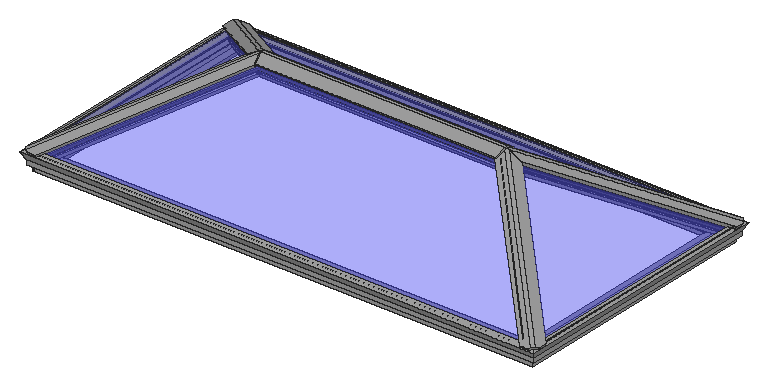
Revit family "Versalite™ Glass - Hipped End - Insulating Glass", category Generic Models, Revit 2015
Parameters
  Width Limitation [instance] = if(Width > 5' 0", 5' 0", if(Width < 3' 0", 3' 0", Width))  # 4' - 0"
  Width [instance] = 4' - 0"
  URL = "obe.com"
  Section Position 3 [instance] = 1' - 7.78461"
  Section Position 2 [instance] = 0' - 9 107/128"
  Section Position 1 [instance] = 1' - 7.78461"
  Section Height 3 [instance] = Section Position 3 * tan(30.00°) + 0' 0 41/128"  # 0' - 11.74296"
  Section Height 2 [instance] = Section Position 2 * tan(30.00°) + 0' 0 41/128"  # 0' - 5.99909"
  Section Height 1 [instance] = Section Position 1 * tan(30.00°) + 0' 0 11/128"  # 0' - 11.50859"
  Model = "Pre-engineered Skylight"
  Manufacturer = "Oldcastle BuildingEnvelope®"
  Length Limitation [instance] = if(Length > 8' 0", 8' 0", if(Length < 4' 0", 4' 0", Length))  # 8' - 0"
  Keynote = "08 63 00"
  Height [instance] = (Raster 2 * tan(30.00°)) + (0' 1 15/256")  # 1' - 4.02008"
  Glass Material = Glass
  Gasket Material = Gasket
  Frame Material = Aluminum
  Ridge Length [instance] = Length - (2 * Raster)  # 6' - 0"
  Raster 2 [instance] = Width Limitation / 2 + 0' 1 117/128"  # 2' - 1 117/128"
  Raster [instance] = Width Limitation / 2  # 2' - 0"
  Length [instance] = 10' - 0"
  Description = "Versalite™ Glass - Insulating Glass"
  Assembly Code = "B3020"
Reference planes (in)
  plane 1 "Center (Front/Back)": y = 0
  plane 2: z = 0
  plane 3 "Center (Left/Right)": x = 0
  plane 4: y = -24
  plane 5: y = 24
  plane 6: x = -48
  plane 7: x = 48
  plane 8 "Roof Left": through (-18.37096, 46.91666, 0.625) normal (0, 0.5, 0.866)
  plane 9 "Roof Rigth": through (-18.37096, -46.91666, 0.625) normal (0, 0.5, -0.866)
  plane 10: z = 16.02008
  plane 11 "Section Position 1": y = -4.21539
  plane 12 "Section Position 2": y = 4.21539
  plane 13: x = -38.16406
  plane 14: x = 28.21539
  plane 15: x = -24
  plane 16: x = 24
Forms (in)
  Sweep 1, solid, material "Aluminum"
    path origin (0, 0, 0) x (1, 0, 0) y (0, 1, 0)
      loop
        line (-48, 24) -> (-48, -24) -> (48, -24) -> (48, 24) -> (-48, 24)
    profile origin (0, 24, 0) x (0, 1, 0) y (0, 0, 1)
      loop
        line (1.00903, 1.23669) -> (0.93979, 1.11675) -> (1.48772, 0.80041) -> (0.8072, -0.37828) -> (-0.03775, 0.10956) -> (-0.38328, -0.52501) -> (-0.93348, -0.20736) -> (-1.24871, -0.75335) -> (-2.63565, -0.75335) -> (-2.63565, -1.35004) -> (0.57712, -1.35004) -> (0.57712, -2.67033) -> (0.69693, -2.67033) -> (0.69693, -1.58967) -> (1.296, -1.58967) -> (1.296, -0.66255) -> (2.04666, 0.63762) -> (1.00903, 1.23669)
Lines and regions (in)
  model lines
    curve 1: line (23.41876, 3.73866, 0) -> (23.34202, 3.8154, 0)
Dimensions and locks (in)
  equal spacing: plane 4, plane 1 "Center (Front/Back)", plane 5
  "Width Limitation": plane 5 to plane 4
  equal spacing: plane 6, plane 3 "Center (Left/Right)", plane 7
  locked: nested 6 to plane 6 at 1.35789
  "Section Position 1": plane 11 "Section Position 1" to plane 4
  "Section Position 1": plane 12 "Section Position 2" to plane 5
  "Section Position 2": plane 6 to plane 13
  "Section Position 3": plane 14 to plane 7
  "Height": plane 10 to level
  "Length Limitation": plane 6 to plane 7
  "Raster": plane 6 to plane 15
  "Raster": plane 16 to plane 7
  locked: plane 5 to nested 10 at 1.35823
  locked: plane 4 to nested 9 at 1.35823
  locked: plane 5 to nested 13 at 3.59895
  locked: nested 13 to plane 6 at 3.59895
  locked: nested 14 to plane 6 at 3.59895
  locked: plane 4 to nested 14 at 3.59895
  locked: plane 4 to nested 12 at 3.59895
  locked: plane 7 to nested 12 at 3.59895
  locked: plane 5 to nested 11 at 3.59895
  locked: plane 7 to nested 11 at 3.59895
  locked: plane 7 to nested 15 at 1.35789
  aligned and locked: level to plane 2
  aligned and locked: plane 1 "Center (Front/Back)" to nested 7
  aligned and locked: level to nested 7
  aligned and locked: nested 8 to level
  aligned and locked: plane 16 to nested 3
  aligned and locked: nested 3 to plane 15
  aligned and locked: plane 15 to nested 16
  aligned and locked: nested 16 to plane 16
  aligned and locked: plane 1 "Center (Front/Back)" to nested 16
  aligned and locked: nested 17 to plane 6
  aligned and locked: plane 7 to nested 18
  aligned and locked: nested 18 to plane 5
  aligned and locked: nested 18 to plane 4
  aligned and locked: plane 5 to nested 17
  aligned and locked: plane 4 to nested 17
Automatic sketch dimensions
  plane 5 to Sweep 1 sketch curve = 0' - 0"
  Sweep 1 sketch curve to plane 7 = 0' - 0"
  plane 6 to Sweep 1 sketch curve = 0' - 0"
  Sweep 1 sketch curve to plane 4 = 0' - 0"
  profile plane to Sweep 1 sketch curve = 0' - 2.63565"
  profile plane to Sweep 1 sketch curve = 0' - 1.24871"
  Sweep 1 sketch curve to level = 0' - 0.20736"
  Sweep 1 sketch curve to Sweep 1 sketch curve = 0' - 0.31523"
  profile plane to Sweep 1 sketch curve = 0' - 0.38328"
  profile plane to Sweep 1 sketch curve = 0' - 0.03775"
  Sweep 1 sketch curve to profile plane = 0' - 0.57712"
  Sweep 1 sketch curve to Sweep 1 sketch curve = 0' - 0.11981"
  Sweep 1 sketch curve to level = 0' - 0.37828"
  Sweep 1 sketch curve to profile plane = 0' - 0.8072"
  Sweep 1 sketch curve to profile plane = 0' - 0.93979"
  Sweep 1 sketch curve to Sweep 1 sketch curve = 0' - 0.06925"
  Sweep 1 sketch curve to Sweep 1 sketch curve = 0' - 0.59907"
  Sweep 1 sketch curve to Sweep 1 sketch curve = 0' - 0.54793"
  level to Sweep 1 sketch curve = 0' - 0.63762"
  Sweep 1 sketch curve to Sweep 1 sketch curve = 0' - 0.55894"
  Sweep 1 sketch curve to Sweep 1 sketch curve = 0' - 0.546"
  Sweep 1 sketch curve to Sweep 1 sketch curve = 0' - 0 11/16"
  Sweep 1 sketch curve to Sweep 1 sketch curve = 0' - 0.23963"
  Sweep 1 sketch curve to Sweep 1 sketch curve = 0' - 1.08065"
  curve 1 to plane 16 = 0' - 0.65798"
  plane 12 "Section Position 2" to curve 1 = 0' - 0.47673"
  curve 1 to curve 1 = 0' - 0.07674"  (x2)
Nested families (in)
  nested 1: "VRG-7-12-Rafter" at (-66, -50.1691, 0.74578), Lenght <- "Raster 2", type "VRG-7-12-Rafter", not visible
    with Lenght 2' - 1 117/128", Height 1' - 2.96149"
  nested 2: "VRG-7-12-Rafter" at (-66, 50.1691, 0.74578), Lenght <- "Raster 2", type "VRG-7-12-Rafter", not visible
    with Lenght 2' - 1 117/128", Height 1' - 2.96149"
  nested 3: "Hip" at (0, 0, 0.0222) x (0, -1, 0) z (0, 0, 1), Height <- "Height", Frame Material <- "Frame Material", type "Hip"
    with Length 4' - 0", Height 1' - 4.02008", Frame Material Aluminum
  nested 4: "VRG-7-12-Rafter" at (-84, -32.1691, 0.74578), Lenght <- "Raster 2", type "VRG-7-12-Rafter", not visible
    with Lenght 2' - 1 117/128", Height 1' - 2.96149"
  nested 5: "VRG-7-12-Rafter" at (-84, 32.1691, 0.74578), Lenght <- "Raster 2", type "VRG-7-12-Rafter", not visible
    with Lenght 2' - 1 117/128", Height 1' - 2.96149"
  nested 6: "Triangular Glazing Panel" at (-49.35789, 0, -0.33984) x (0, -1, 0) z (0, 0, 1), Raster <- "Width Limitation", Length <- "Raster", type "Triangular Glazing Panel"
    with Raster 4' - 0", Nett Length 2' - 3.71281", Length 2' - 0"
  nested 7: "Short Section 2" at (18, 0, 0), Raster <- "Raster", Width <- "Width Limitation", Section Height <- "Section Height 3", type "Short Section 2-3D"
    with Width 4' - 0", Section Height 0' - 11.74296", Raster 2' - 0"
  nested 8: "Short Section 2" at (-18, 0, 0) x (-1, 0, 0) z (0, 0, 1), Raster <- "Raster", Width <- "Width Limitation", Section Height <- "Section Height 2", type "Short Section 2-3D"
    with Width 4' - 0", Section Height 0' - 5.99909", Raster 2' - 0"
  nested 9: "Trapeze Glazing Panel" at (0, -25.35823, -0.35239), Raster <- "Raster", Glass Width <- "Length Limitation", type "Trapeze Glazing Panel"
    with Raster 2' - 0", Nett Length 2' - 3.94719", Length 3' - 6", Glass Width 8' - 0"
  nested 10: "Trapeze Glazing Panel" at (0, 25.35823, -0.28989), Raster <- "Raster", Glass Width <- "Length Limitation", type "Trapeze Glazing Panel"
    with Raster 2' - 0", Nett Length 2' - 3.94719", Length 3' - 6", Glass Width 8' - 0"
  nested 11: "Ridge" at (51.59895, 27.59895, -2.49199) x (-1, 0, 0) z (0, 0, 1), Raster <- "Raster", type "Ridge"
    with Void elevation 1' - 5.13957", Raster 2' - 0", Nett Length 3' - 4.66122", Lenght 2' - 9.94113", Height 0' - 9.79911"
  nested 12: "Ridge" at (51.59895, -27.59895, -2.49199) x (-1, 0, 0) z (0, 0, 1), Raster <- "Raster", type "Ridge"
    with Void elevation 1' - 5.13957", Raster 2' - 0", Nett Length 3' - 4.66122", Lenght 2' - 9.94113", Height 0' - 9.79911"
  nested 13: "Ridge" at (-51.59895, 27.59895, -2.49199), Raster <- "Raster", type "Ridge"
    with Void elevation 1' - 5.13957", Raster 2' - 0", Nett Length 3' - 4.66122", Lenght 2' - 9.94113", Height 0' - 9.79911"
  nested 14: "Ridge" at (-51.59895, -27.59895, -2.49199), Raster <- "Raster", type "Ridge"
    with Void elevation 1' - 5.13957", Raster 2' - 0", Nett Length 3' - 4.66122", Lenght 2' - 9.94113", Height 0' - 9.79911"
  nested 15: "Triangular Glazing Panel" at (49.35789, 0, -0.33984) x (0, -1, 0) z (0, 0, 1), Raster <- "Width Limitation", Length <- "Raster", type "Triangular Glazing Panel"
    with Raster 4' - 0", Nett Length 2' - 3.71281", Length 2' - 0"
  nested 16: "Short Section" at (0, 0, 0), Width <- "Width Limitation", type "Short Section"
    with Width 4' - 0", Ridge Length 4' - 0"
  nested 17: "Sill" at (-48, 0, 0) x (0, 1, 0) z (0, 0, 1), Length <- "Width Limitation", type "Sill"
    with built-in parameter 1001569 4' - 0"
  nested 18: "Sill" at (48, 0, 0) x (0, 1, 0) z (0, 0, 1), Length <- "Width Limitation", type "Sill"
    with built-in parameter 1001569 4' - 0"
Definition of nested family "VRG-7-12-Rafter"
  Parameters (values of type "VRG-7-12-Rafter")
    Material = none
    Lenght [instance] = 4' - 0"
    Height [instance] = Lenght * tan(30.00°)  # 2' - 3.71281"
  Reference planes (in)
    plane 1 "Center (Front/Back)": y = 0
    plane 2: z = 0
    plane 3 "Center (Left/Right)": x = 0
    plane 4: through (0, -2.50843, 1.44824) normal (0, 0.5, 0.866)
    plane 5: through (0, 1.91, 8.68351) normal (0, -0.866, 0.5)
    plane 6: y = -48
    plane 7: through (0, -64.80082, 67.14002) normal (0, -0.866, 0.5)
    plane 8: z = 27.71281
    plane 9: z = -4
    plane 10: z = 28.71281
  Forms (in)
    Sweep 1, solid, material <- "Material"
      path origin (0, -1.54008, 0.3325) x (0, 1, 0) y (0, 0, 1)
        loop
          line (-46.45992, 27.38031) -> (1.54008, -0.3325)
      profile origin (0, -24, 13.85641) x (0, 0.5, 0.866025) y (1, 0, 0)
        loop
          line (0.33168, 1.25) -> (-0.29332, 1.25) -> (-0.29332, 0.5625) -> (-1.73082, 0.5625) -> (-1.73082, 1.4375) -> (-3.98082, 1.4375) -> (-3.98082, -1.4375) -> (-1.73082, -1.4375) -> (-1.73082, -0.5625) -> (-0.29332, -0.5625) -> (-0.29332, -1.25) -> (0.33168, -1.25) -> (0.33168, 1.25)
    Sweep 2, void
      path origin (0, 0, 0) x (1, 0, 0) y (0, 1, 0)
        loop
          line (-1.4375, 0) -> (1.4375, 0)
      profile origin (0, 0, 0) x (0, 1, 0) y (0, 0, 1)
        loop
          line (0.16584, 0.28724) -> (-0.91478, 0.91114) -> (-1.32418, 0.20931) -> (-0.77099, -0.11007) -> (-1.33785, -1.08183) -> (-2.10632, -0.63816) -> (-2.54721, -1.39397) -> (-3.27552, -0.97348) -> (-4.02553, -2.27252) -> (-1.99041, -3.44749) -> (0.16584, 0.28724)
    Extrusion 3, void
      sketch origin (0, 0, 0) x (0, 1, 0) y (0, 0, 1)
        loop
          line (-47.875, 28.02363) -> (-50.25, 28.02363) -> (-50.25, 24.13653) -> (-47, 22.26014) -> (-47, 25.14824) -> (-47.56717, 25.47585) -> (-46.84738, 26.70978) -> (-46.28543, 26.38534) -> (-45.971, 26.92436) -> (-47.875, 28.02363)
      from -1.4375 to 1.4375
  Cuts and joins
    Sweep 2, Extrusion 3 cuts Sweep 1
  Dimensions and locks (in)
    locked: plane 5 to plane 2 at 5.37529
    locked: plane 1 "Center (Front/Back)" to plane 5 at 3.10343
    "Lenght": plane 1 "Center (Front/Back)" to plane 6
    Sweep 1 sketch curve to Sweep 1 sketch curve = 0' - 2 7/8"
    Sweep 1 sketch curve to Sweep 1 sketch curve = 0' - 1 1/8"
    Sweep 1 sketch curve to Sweep 1 sketch curve = 0' - 2 1/2"
    locked: level to plane 9 at 4
    "Height": plane 8 to level
    locked: plane 10 to plane 8 at 1
    Sweep 2 sketch curve to plane 3 "Center (Left/Right)" to Sweep 2 sketch curve = 0' - 1 7/16" locked, 0' - 1 7/16" locked
    locked: plane 6 to nested 1 at 0.24951
    Extrusion 3 sketch curve to Extrusion 3 sketch curve to Extrusion 3 sketch curve to Extrusion 3 sketch curve to Extrusion 3 sketch curve to Extrusion 3 sketch curve to Extrusion 3 sketch curve to plane 6 to Extrusion 3 sketch curve = 0' - 0.31443" locked, 0' - 0.56195" locked, 0' - 0.15262" locked, 0' - 0" locked, 0' - 0.56717" locked, 0' - 0.30783" locked, 0' - 0 1/8" locked, 0' - 2 1/4" locked
    locked: plane 10 to nested 1 at 2.84283
    plane 10 to Extrusion 3 sketch curve to Extrusion 3 sketch curve to Extrusion 3 sketch curve to Extrusion 3 sketch curve to Extrusion 3 sketch curve to Extrusion 3 sketch curve to Extrusion 3 sketch curve to Extrusion 3 sketch curve = 0' - 0.68918" locked, 0' - 1.09927" locked, 0' - 0.21458" locked, 0' - 0.32444" locked, 0' - 0.90949" locked, 0' - 0.32761" locked, 0' - 1 3/256" locked, 0' - 1.87639" locked
    locked: level to plane 4 (angle 30.00°)
    locked: plane 1 "Center (Front/Back)" to plane 5 (angle 30.00°)
    aligned and locked: plane 2 to level
    aligned and locked: plane 4 to Sweep 1 sketch curve
    aligned and locked: plane 1 "Center (Front/Back)" to Sweep 1 sketch curve
    aligned and locked: plane 6 to Sweep 1 sketch curve
    aligned and locked: plane 1 "Center (Front/Back)" to Sweep 2 sketch curve
  Automatic sketch dimensions
    Sweep 2 sketch curve to profile plane = 0' - 0.16584"
    level to Sweep 2 sketch curve = 0' - 0.28724"
    profile plane to Sweep 2 sketch curve = 0' - 1.99041"
    level to Sweep 2 sketch curve = 0' - 0.91114"
    profile plane to Sweep 2 sketch curve = 0' - 0.91478"
    level to Sweep 2 sketch curve = 0' - 0.20931"
    Sweep 2 sketch curve to Sweep 2 sketch curve = 0' - 0.4094"
    Sweep 2 sketch curve to Sweep 2 sketch curve = 0' - 0.65256"
    Sweep 2 sketch curve to level = 0' - 0.11007"
    Sweep 2 sketch curve to Sweep 2 sketch curve = 0' - 0.56686"
    Sweep 2 sketch curve to Sweep 2 sketch curve = 0' - 0.97176"
    Sweep 2 sketch curve to level = 0' - 0.97348"
    Sweep 2 sketch curve to Sweep 2 sketch curve = 0' - 1.93767"
    Sweep 2 sketch curve to Sweep 2 sketch curve = 0' - 0.72832"
    Sweep 2 sketch curve to level = 0' - 0.63816"
    Sweep 2 sketch curve to Sweep 2 sketch curve = 0' - 0.44089"
    Sweep 1 sketch curve to plane 3 "Center (Left/Right)" = 0' - 1 7/16"
    profile plane to Sweep 1 sketch curve = 0' - 3.98082"
    profile plane to Sweep 1 sketch curve = 0' - 0.29332"  (x2)
    Sweep 1 sketch curve to profile plane = 0' - 0.33168"
    Sweep 1 sketch curve to plane 3 "Center (Left/Right)" = 0' - 1 1/4"
    Sweep 1 sketch curve to plane 3 "Center (Left/Right)" = 0' - 0 9/16"
    profile plane to Sweep 1 sketch curve = 0' - 1.73082"
    Sweep 1 sketch curve to Sweep 1 sketch curve = 0' - 1 7/16"
  Nested families (in)
    nested 1: "VRG-7-12-Hip-DI" at (0, -48.24951, 25.86998) x (0, -1, 0) z (1, 0, 0), type "VRG-7-12-Hip-DI", not visible
  Definition of nested family "VRG-7-12-Hip-DI"
    Reference planes (in)
      plane 1 "Center (Front/Back)": y = 0
      plane 2: z = 0
      plane 3 "Center (Left/Right)": x = 0
    Lines and regions (in)
      detail lines, in view "Ref. Level", detail levels coarse
        curve 1: line (1.25, -3.609, 0) -> (1.25, -0.57769, 0)
        curve 2: line (1.25, -0.57769, 0) -> (0.74657, -0.28403, 0)
        curve 3: line (0.74657, -0.28403, 0) -> (1.31393, 0.68859, 0)
        curve 4: line (1.31393, 0.68859, 0) -> (1.87898, 0.36236, 0)
        curve 5: line (1.87898, 0.36236, 0) -> (2.279, 1.05522, 0)
        curve 6: line (2.279, 1.05522, 0) -> (0.375, 2.15449, 0)
        curve 7: line (0.375, 2.15449, 0) -> (-0.375, 2.15449, 0)
        curve 8: line (-0.375, 2.15449, 0) -> (-2.279, 1.05522, 0)
        curve 9: line (-2.279, 1.05522, 0) -> (-1.87441, 0.36164, 0)
        curve 10: line (-1.87441, 0.36164, 0) -> (-1.31393, 0.68859, 0)
        curve 11: line (-1.31393, 0.68859, 0) -> (-0.74657, -0.28403, 0)
        curve 12: line (-0.74657, -0.28403, 0) -> (-1.25, -0.57769, 0)
        curve 13: line (-1.25, -0.57769, 0) -> (-1.25, -3.609, 0)
        curve 14: line (-1.25, -3.609, 0) -> (0, -2.88731, 0)
        curve 15: line (0, -2.88731, 0) -> (1.25, -3.609, 0)
Definition of nested family "Hip"
  Parameters (values of type "Hip")
    Length [instance] = 4' - 0"
    Height [instance] = 3' - 0"
    Frame Material [instance] = none
  Reference planes (in)
    plane 1 "Center (Front/Back)": y = 0
    plane 2: z = 0
    plane 3 "Center (Left/Right)": x = 0
    plane 4: y = 24
    plane 5 "Top": z = 36
    plane 6: y = -24
    plane 7: y = 23.85547
    plane 8: y = -23.85547
  Forms (in)
    Sweep 1, solid, material <- "Frame Material"
      path origin (0, -48, 36) x (0, 1, 0) y (-1, 0, 0)
        loop
          line (24.14453, 0) -> (71.85547, 0)
      profile origin (0, 0, 36) x (-1, 0, 0) y (0, 0, 1)
        loop
          line (-1.29206, -1.25215) -> (-0.59824, -2.45523) -> (-1.55896, -3.00928) -> (-1.19822, -3.63479) -> (0, -2.943) -> (1.19822, -3.63479) -> (1.55896, -3.00928) -> (0.59824, -2.45523) -> (1.29206, -1.25215) -> (1.8757, -1.58911) -> (2.1846, -1.05348) -> (0.35947, 0) -> (-0.35947, 0) -> (-2.1846, -1.05348) -> (-1.8757, -1.58911) -> (-1.29206, -1.25215)
    Extrusion 2, void
      sketch origin (0, 0, 36) x (0, 1, 0) y (-1, 0, 0)
        loop
          line (23.85547, 2.279) -> (23.39871, 2.279) -> (23.85547, 0.375) -> (23.85547, 2.279)
        loop
          line (23.85547, -2.279) -> (23.85547, -0.375) -> (23.39871, -2.279) -> (23.85547, -2.279)
        loop
          line (-23.85547, 2.279) -> (-23.85547, 0.375) -> (-23.39871, 2.279) -> (-23.85547, 2.279)
        loop
          line (-23.85547, -2.279) -> (-23.39871, -2.279) -> (-23.85547, -0.375) -> (-23.85547, -2.279)
      from -36 to 0
  Cuts and joins
    Extrusion 2 cuts Sweep 1
  Dimensions and locks (in)
    "Length": plane 4 to plane 6
    "Height": plane 5 "Top" to level
    equal spacing: plane 6, plane 1 "Center (Front/Back)", plane 4
    locked: plane 4 to plane 7 at 0.14453
    locked: plane 6 to plane 8 at 0.14453
    aligned and locked: plane 2 to level
    aligned and locked: plane 3 "Center (Left/Right)" to Sweep 1 sketch curve
    aligned and locked: plane 7 to Sweep 1 sketch curve
    aligned and locked: plane 8 to Sweep 1 sketch curve
    aligned and locked: Extrusion 2 to level
    aligned and locked: plane 5 "Top" to Extrusion 2
  Automatic sketch dimensions
    plane 8 to Extrusion 2 sketch curve = 0' - 0"  (x2)
    Extrusion 2 sketch curve to plane 7 = 0' - 0"  (x2)
    Extrusion 2 sketch curve to plane 8 = 0' - 0.45676"  (x2)
    Extrusion 2 sketch curve to plane 7 = 0' - 0.45676"  (x2)
    plane 3 "Center (Left/Right)" to Extrusion 2 sketch curve = 0' - 2.279"  (x2)
    plane 3 "Center (Left/Right)" to Extrusion 2 sketch curve = 0' - 0 3/8"  (x2)
    Extrusion 2 sketch curve to plane 3 "Center (Left/Right)" = 0' - 0 3/8"  (x2)
    Extrusion 2 sketch curve to Extrusion 2 sketch curve = 0' - 1.904"  (x2)
    Sweep 1 sketch curve to profile plane = 0' - 0"
    Sweep 1 sketch curve to Sweep 1 sketch curve = 0' - 0"
    Sweep 1 sketch curve to plane 5 "Top" = 0' - 0"
    profile plane to Sweep 1 sketch curve = 0' - 0.35947"
    Sweep 1 sketch curve to Sweep 1 sketch curve = 0' - 0.69382"  (x2)
    Sweep 1 sketch curve to profile plane = 0' - 0.35947"
    Sweep 1 sketch curve to plane 5 "Top" = 0' - 1.05348"  (x2)
    Sweep 1 sketch curve to Sweep 1 sketch curve = 0' - 0.31674"
    Sweep 1 sketch curve to Sweep 1 sketch curve = 0' - 0.53563"  (x2)
    profile plane to Sweep 1 sketch curve = 0' - 0.59824"
    Sweep 1 sketch curve to Sweep 1 sketch curve = 0' - 0.36073"  (x2)
    Sweep 1 sketch curve to Sweep 1 sketch curve = 0' - 0.62551"  (x2)
    Sweep 1 sketch curve to Sweep 1 sketch curve = 0' - 0.96071"
    Sweep 1 sketch curve to Sweep 1 sketch curve = 0' - 0.48776"
    Sweep 1 sketch curve to profile plane = 0' - 0.59824"
    Sweep 1 sketch curve to profile plane = 0' - 1.19822"
    Sweep 1 sketch curve to Sweep 1 sketch curve = 0' - 0.58363"
    Sweep 1 sketch curve to Sweep 1 sketch curve = 0' - 0.30891"  (x2)
    Sweep 1 sketch curve to Sweep 1 sketch curve = 0' - 0.86612"
Definition of nested family "Triangular Glazing Panel"
  Parameters (values of type "Triangular Glazing Panel")
    Raster [instance] = 9' - 0"
    Nett Length [instance] = ((Raster / cos(30.00°)) / 2)  # 5' - 2.35383"
    Length [instance] = 3' - 7.67416"
  Reference planes (in)
    plane 1 "Center (Front/Back)": y = 0
    plane 2: z = 0
    plane 3 "Center (Left/Right)": x = 0
    plane 4: x = -54
    plane 5: x = 54
    plane 6 "Top": y = 43.67416
    plane 7: x = -53.4375
    plane 8: x = 53.4375
    plane 9: through (0, 0.35933, 0.24284) normal (0, -0.866, -0.5)
    plane 10 "INT": through (0, 0.52177, 0.09566) normal (0, -0.5, 0.866)
    plane 11 "EXT": through (0, 0.02186, 0.95146) normal (0, -0.5, 0.866)
    plane 12: through (0, 0.40896, 0.29105) normal (0, -0.5, 0.866)
    plane 13: through (0, 0.13468, 0.75605) normal (0, -0.5, 0.866)
    plane 14: through (0, 54.35933, 31.41975) normal (0, -0.866, -0.5)
  Forms (in)
    Sweep 1, solid, detail levels fine
      path origin (0, 0.52177, 0.09566) x (0, -0.866025, -0.5) y (1, 0, 0)
        loop
          line (0.06709, -53.89578) -> (0.06709, 53.89578) -> (-62.32772, 0) -> (0.06709, -53.89578)
      profile origin (0, 0.46367, 0.06211) x (0, 0.866025, 0.5) y (0, -0.5, 0.866025)
        loop
          line (0.15942, -0.17401) -> (0.66398, -0.17627) -> (0.66477, 0) -> (0.15942, 0) -> (0.15942, -0.17401)
    Sweep 2, solid, detail levels fine
      path origin (0, 0.02186, 0.95146) x (0, -0.866025, -0.5) y (1, 0, 0)
        loop
          line (-62.33276, 0) -> (0.06205, -53.89578) -> (0.06205, 53.89578) -> (-62.33276, 0)
      profile origin (-26.94789, 26.98586, 16.51914) x (0.756767, -0.566108, -0.326842) y (0, -0.5, 0.866025)
        loop
          line (0.58539, 0.20374) -> (0.22342, 0.20536) -> (0.19511, 0.08826) -> (0.2164, -0.00263) -> (0.59095, -0.00263) -> (0.61266, 0.08639) -> (0.58539, 0.20374)
    Extrusion 3, solid, detail levels coarse
      sketch origin (0, 0.46246, 0.30236) x (0, -0.866025, -0.5) y (1, 0, 0)
        loop
          line (0.11908, -53.89578) -> (0.11908, 53.89578) -> (-62.27573, 0) -> (0.11908, -53.89578)
      from -0.20866 to 0.78216
    Extrusion 4, solid, detail levels medium+fine
      sketch origin (0, 0.46246, 0.30236) x (0, -0.866025, -0.5) y (1, 0, 0)
        loop
          line (0.11908, -53.89578) -> (0.11908, 53.89578) -> (-62.27573, 0) -> (0.11908, -53.89578)
      from -0.20866 to 0.01696
    Extrusion 5, solid, detail levels medium+fine
      sketch origin (0, 0.46246, 0.30236) x (0, -0.866025, -0.5) y (1, 0, 0)
        loop
          line (0.11908, -53.89578) -> (0.11908, 53.89578) -> (-62.27573, 0) -> (0.11908, -53.89578)
      from 0.5568 to 0.78244
  Dimensions and locks (in)
    locked: plane 4 to plane 7 at 0.5625
    locked: plane 8 to plane 5 at 0.5625
    plane 9 to level = 0' - 0.86521"
    plane 1 "Center (Front/Back)" to plane 9 = 0' - 0.49953"
    "Length": plane 1 "Center (Front/Back)" to plane 6 "Top"
    equal spacing: plane 4, plane 3 "Center (Left/Right)", plane 5
    "Raster": plane 4 to plane 5
    "Nett Length": plane 14 to plane 9
    locked: plane 4 to Extrusion 5 sketch curve at 0.10422
    locked: Extrusion 5 sketch curve to plane 5 at 0.10422
    locked: Extrusion 4 sketch curve to plane 5 at 0.10422
    locked: plane 4 to Extrusion 4 sketch curve at 0.10422
    locked: plane 4 to Sweep 2 sketch curve at 0.10422
    locked: Sweep 2 sketch curve to plane 5 at 0.10422
    locked: Sweep 1 sketch curve to plane 5 at 0.10422
    locked: plane 4 to Sweep 1 sketch curve at 0.10422
    locked: Extrusion 3 sketch curve to plane 5 at 0.10422
    locked: plane 4 to Extrusion 3 sketch curve at 0.10422
    angle plane 1 "Center (Front/Back)" to plane 9 = 30.00°
    locked: Extrusion 5 sketch curve to Extrusion 5 sketch curve (angle 49.18°)  (x2)
    locked: Extrusion 3 sketch curve to Extrusion 3 sketch curve (angle 49.18°)  (x2)
    locked: Extrusion 4 sketch curve to Extrusion 4 sketch curve (angle 49.18°)  (x2)
    locked: Sweep 1 sketch curve to Sweep 1 sketch curve (angle 49.18°)
    angle Sweep 1 sketch curve to Sweep 1 sketch curve = 49.18°
    locked: Sweep 2 sketch curve to Sweep 1 (angle 49.18°)
    locked: Sweep 2 sketch curve to Sweep 2 sketch curve (angle 49.18°)
    aligned and locked: plane 2 to level
    aligned and locked: plane 9 to Sweep 2 sketch curve
    aligned and locked: plane 9 to Sweep 1 sketch curve
    aligned and locked: plane 12 to Extrusion 4
    aligned and locked: plane 11 "EXT" to Extrusion 5
    aligned and locked: Extrusion 5 to plane 13
    aligned and locked: plane 9 to Extrusion 5 sketch curve
  Automatic sketch dimensions
    plane 11 "EXT" to Sweep 2 sketch curve = 0' - 0.08826"
    Sweep 2 sketch curve to profile plane = 0' - 0.19511"
    Sweep 2 sketch curve to plane 11 "EXT" = 0' - 0.00263"
    Sweep 2 sketch curve to Sweep 2 sketch curve = 0' - 0.0213"
    Sweep 2 sketch curve to Sweep 2 sketch curve = 0' - 0.02831"
    plane 11 "EXT" to Sweep 2 sketch curve = 0' - 0.20374"
    Sweep 2 sketch curve to Sweep 2 sketch curve = 0' - 0.36197"
    Sweep 2 sketch curve to Sweep 2 sketch curve = 0' - 0.00556"
    plane 11 "EXT" to Sweep 2 sketch curve = 0' - 0.08639"
    Sweep 2 sketch curve to Sweep 2 sketch curve = 0' - 0.0217"
    Sweep 2 sketch curve to Sweep 2 sketch curve = 0' - 0.1171"
    Sweep 1 sketch curve to plane 10 "INT" = 0' - 0"
    Sweep 1 sketch curve to profile plane = 0' - 0.15942"
    Sweep 1 sketch curve to plane 10 "INT" = 0' - 0.17627"
    Sweep 1 sketch curve to Sweep 1 sketch curve = 0' - 0.50456"
    Sweep 1 sketch curve to Sweep 1 sketch curve = 0' - 0.00079"
    plane 9 to Extrusion 3 sketch curve = 0' - 0"
    plane 9 to Extrusion 4 sketch curve = 0' - 0"
    plane 3 "Center (Left/Right)" to Sweep 2 sketch curve = 0' - 0"
  Nested families (in)
    nested 1: "Ridge-DI" at (0, 49.36944, 28) x (0, 1, 0) z (1, 0, 0), type "Ridge-DI", not visible
    nested 2: "Sill-DI" at (0, 1.35934, 0.28735) x (0, 1, 0) z (1, 0, 0), type "Sill-DI", not visible
  Definition of nested family "Ridge-DI"
    Reference planes (in)
      plane 1 "Center (Front/Back)": y = 0
      plane 2: z = 0
      plane 3 "Center (Left/Right)": x = 0
    Lines and regions (in)
      detail lines, in view "Ref. Level"
        curve 1: line (0.375, 2.112, 0) -> (2.05439, 1.48677, 0)
        curve 2: line (2.05439, 1.48677, 0) -> (1.8358, 0.89963, 0)
        curve 3: line (1.25, -0.42701, 0) -> (1.25, -3.103, 0)
        curve 4: line (1.25, -3.103, 0) -> (0, -2.63066, 0)
        curve 5: line (0, -2.63066, 0) -> (-1.25, -3.103, 0)
        curve 6: line (-1.25, -3.103, 0) -> (-1.25, -0.42705, 0)
        curve 7: line (-1.25, -0.42705, 0) -> (-0.54842, -0.16188, 0)
        curve 8: line (-0.54842, -0.16188, 0) -> (-1.0624, 1.19797, 0)
        curve 9: line (-1.0624, 1.19797, 0) -> (-1.83777, 0.90491, 0)
        curve 10: line (-1.83777, 0.90491, 0) -> (-2.05439, 1.48677, 0)
        curve 11: line (-2.05439, 1.48677, 0) -> (-0.375, 2.112, 0)
        curve 12: line (-0.375, 2.112, 0) -> (0.375, 2.112, 0)
        curve 13: line (0.54843, -0.16185, 0) -> (1.25, -0.42701, 0)
        curve 14: line (1.06041, 1.1927, 0) -> (0.54843, -0.16185, 0)
        curve 15: line (1.8358, 0.89963, 0) -> (1.06041, 1.1927, 0)
        curve 16: line (-0.375, 2.112, 0) -> (0.375, 2.112, 0)
        curve 17: line (0.375, 2.112, 0) -> (2.05439, 1.48677, 0)
        curve 18: line (2.05439, 1.48677, 0) -> (1.8358, 0.89963, 0)
        curve 19: line (1.8358, 0.89963, 0) -> (1.06041, 1.1927, 0)
        curve 20: line (1.06041, 1.1927, 0) -> (0.54843, -0.16185, 0)
        curve 21: line (0.54843, -0.16185, 0) -> (1.25, -0.42701, 0)
        curve 22: line (1.25, -0.42701, 0) -> (1.25, -3.103, 0)
        curve 23: line (1.25, -3.103, 0) -> (0, -2.63066, 0)
        curve 24: line (0, -2.63066, 0) -> (-1.25, -3.103, 0)
        curve 25: line (-1.25, -3.103, 0) -> (-1.25, -0.42705, 0)
        curve 26: line (-1.25, -0.42705, 0) -> (-0.54842, -0.16188, 0)
        curve 27: line (-0.54842, -0.16188, 0) -> (-1.0624, 1.19797, 0)
        curve 28: line (-1.0624, 1.19797, 0) -> (-1.83777, 0.90491, 0)
        curve 29: line (-1.83777, 0.90491, 0) -> (-2.05439, 1.48677, 0)
        curve 30: line (-2.05439, 1.48677, 0) -> (-0.375, 2.112, 0)
  Definition of nested family "Sill-DI"
    Reference planes (in)
      plane 1 "Center (Front/Back)": y = 0
      plane 2: z = 0
      plane 3 "Center (Left/Right)": x = 0
    Lines and regions (in)
      detail lines, in view "Ref. Level"
        curve 1: line (-0.69693, -1.58967, 0) -> (-0.69693, -2.67033, 0)
        curve 2: line (-0.69693, -2.67033, 0) -> (-0.57712, -2.67033, 0)
        curve 3: line (-0.57712, -2.67033, 0) -> (-0.57712, -1.35004, 0)
        curve 4: line (-0.57712, -1.35004, 0) -> (2.63565, -1.35004, 0)
        curve 5: line (2.63565, -0.75335, 0) -> (2.63565, -1.35004, 0)
        curve 6: line (1.24871, -0.75335, 0) -> (2.63565, -0.75335, 0)
        curve 7: line (1.24871, -0.75335, 0) -> (0.93348, -0.20736, 0)
        curve 8: line (0.93348, -0.20736, 0) -> (0.38328, -0.52501, 0)
        curve 9: line (-0.04681, 0.26485, 0) -> (0.38328, -0.52501, 0)
        curve 10: line (-0.89589, -0.22536, 0) -> (-0.04681, 0.26485, 0)
        curve 11: line (-1.39114, 0.63313, 0) -> (-0.89589, -0.22536, 0)
        curve 12: line (-0.84321, 0.94948, 0) -> (-1.39114, 0.63313, 0)
        curve 13: line (-1.00903, 1.23669, 0) -> (-2.04666, 0.63762, 0)
        curve 14: line (-0.84321, 0.94948, 0) -> (-1.00903, 1.23669, 0)
        curve 15: line (-1.00903, 1.23669, 0) -> (-2.04666, 0.63762, 0)
        curve 16: line (-2.04666, 0.63762, 0) -> (-1.296, -0.66255, 0)
        curve 17: line (-1.296, -0.66255, 0) -> (-1.296, -1.58967, 0)
        curve 18: line (-1.296, -1.58967, 0) -> (-0.69693, -1.58967, 0)
Definition of nested family "Trapeze Glazing Panel"
  Parameters (values of type "Trapeze Glazing Panel")
    Glass Width [instance] = 5' - 0"
    Raster [instance] = 1' - 11.97755"
    Nett Length [instance] = Raster / cos(30.00°) + 0' 0 15/64"  # 2' - 3.92127"
    Length [instance] = 3' - 0"
  Reference planes (in)
    plane 1 "Center (Front/Back)": y = 0
    plane 2: z = 0
    plane 3 "Center (Left/Right)": x = 0
    plane 4: x = -30
    plane 5: x = 30
    plane 6 "Top": y = 36
    plane 7: through (0, 24.55553, 14.17714) normal (0, -0.866, -0.5)
    plane 8: x = -29.4375
    plane 9: x = 29.4375
    plane 10: through (0, 0.5, 0) normal (0, -0.866, -0.5)
    plane 11 "INT": through (0, 0.46402, 0.06232) normal (0, -0.5, 0.866)
    plane 12 "EXT": through (0, -0.03726, 0.92048) normal (0, -0.5, 0.866)
    plane 13 "First Mullion Offset": x = -6.02245
    plane 14: through (-34.15588, -8.12112, 15.51069) normal (-0.7568, 0.5661, 0.3268)
    plane 15: through (-33.75864, -8.46807, 15.31037) normal (-0.7568, 0.5661, 0.3268)
    plane 16: through (0, 0.3426, 0.27263) normal (0, -0.5, 0.866)
    plane 17: through (0, 0.07693, 0.7227) normal (0, -0.5, 0.866)
    plane 18: through (34.15588, -8.12112, 15.51069) normal (-0.7568, -0.5661, -0.3268)
    plane 19: through (33.75864, -8.46807, 15.31037) normal (-0.7568, -0.5661, -0.3268)
    plane 20: x = 6.02245
  Forms (in)
    Extrusion 1, solid, detail levels coarse
      sketch origin (0, 0.5, 0) x (0, -0.866025, -0.5) y (1, 0, 0)
        loop
          line (0, -29.875) -> (0, 29.875) -> (-27.92127, 5.71708) -> (-27.92127, -5.71708) -> (0, -29.875)
      from 0.07196 to 1.06238
    Sweep 2, solid, detail levels fine
      path origin (0, 0.46402, 0.06232) x (0, -0.866025, -0.5) y (1, 0, 0)
        loop
          line (-27.92127, 5.8662) -> (-27.92127, -5.8662) -> (0, -29.875) -> (0, 29.875) -> (-27.92127, 5.8662)
      profile origin (0, 24.64455, 14.02295) x (0, -0.866025, -0.5) y (0, -0.5, 0.866025)
        loop
          line (0.60003, -0.17402) -> (0.67233, 0) -> (0.13561, 0) -> (0.20609, -0.17402) -> (0.60003, -0.17402)
    Sweep 3, solid, detail levels fine
      path origin (0, -0.03726, 0.92048) x (0, -0.866025, -0.5) y (1, 0, 0)
        loop
          line (-0.00504, -29.875) -> (-0.00504, 29.875) -> (-27.92631, 5.8662) -> (-27.92631, -5.85255) -> (-0.00504, -29.875)
      profile origin (0, -0.0329, 0.923) x (0, 0.866025, 0.5) y (0, -0.5, 0.866025)
        loop
          line (0.588, 0.1925) -> (0.22071, 0.19415) -> (0.19511, 0.08826) -> (0.2164, -0.00263) -> (0.59095, -0.00263) -> (0.61266, 0.08639) -> (0.588, 0.1925)
    Extrusion 4, solid, detail levels medium+fine
      sketch origin (0, 0.5, 0) x (0, -0.866025, -0.5) y (1, 0, 0)
        loop
          line (0, -29.86114) -> (0, 29.86114) -> (-27.92127, 5.85448) -> (-27.92127, -5.85448) -> (0, -29.86114)
      from 0.07196 to 0.3148
    Extrusion 5, solid, detail levels medium+fine
      sketch origin (0, 0.5, 0) x (0, -0.866025, -0.5) y (1, 0, 0)
        loop
          line (0, -29.86114) -> (0, 29.86114) -> (-27.92127, 5.85448) -> (-27.92127, -5.85448) -> (0, -29.86114)
      from 0.83741 to 1.06579
  Dimensions and locks (in)
    locked: plane 4 to plane 8 at 0.5625
    locked: plane 9 to plane 5 at 0.5625
    "Nett Length": plane 10 to plane 7
    locked: plane 10 to level at 0.86603
    locked: plane 1 "Center (Front/Back)" to plane 10 at 0.5
    "Length": plane 1 "Center (Front/Back)" to plane 6 "Top"
    "Raster": plane 4 to plane 13 "First Mullion Offset"
    locked: plane 14 to plane 15 at 0.5625
    equal spacing: plane 8, plane 3 "Center (Left/Right)", plane 9
    locked: plane 18 to plane 19 at 0.5625
    "Raster": plane 20 to plane 5
    locked: Extrusion 5 sketch curve to plane 5 at 0.13886
    locked: plane 4 to Extrusion 5 sketch curve at 0.13886
    locked: plane 4 to Extrusion 1 sketch curve at 0.125
    locked: Extrusion 1 sketch curve to plane 5 at 0.125
    locked: Extrusion 4 sketch curve to plane 5 at 0.13886
    locked: plane 4 to Extrusion 4 sketch curve at 0.13886
    locked: plane 4 to Sweep 3 sketch curve at 0.125
    locked: Sweep 3 sketch curve to plane 5 at 0.125
    locked: Sweep 2 sketch curve to plane 5 at 0.125
    locked: plane 4 to Sweep 2 sketch curve at 0.125
    "Glass Width": plane 4 to plane 5
    locked: plane 13 "First Mullion Offset" to Extrusion 5 sketch curve at 0.16796
    locked: Extrusion 5 sketch curve to plane 20 at 0.16796
    Extrusion 1 sketch curve to plane 20 = 0' - 0.30537"
    locked: Extrusion 4 sketch curve to plane 20 at 0.16796
    locked: plane 13 "First Mullion Offset" to Extrusion 4 sketch curve at 0.16796
    locked: plane 13 "First Mullion Offset" to Sweep 2 sketch curve at 0.15625
    locked: plane 13 "First Mullion Offset" to Extrusion 1 sketch curve at 0.30537
    locked: plane 13 "First Mullion Offset" to Sweep 3 sketch curve at 0.16989
    locked: Sweep 3 sketch curve to plane 20 at 0.15625
    locked: Sweep 2 sketch curve to plane 20 at 0.15625
    locked: plane 6 "Top" to plane 7 (angle 30.00°)
    locked: plane 1 "Center (Front/Back)" to plane 10 (angle 30.00°)
    locked: plane 10 to plane 14 (angle 49.18°)
    locked: plane 18 to plane 10 (angle 49.18°)
    aligned and locked: plane 2 to level
    aligned and locked: Sweep 3 sketch curve to plane 7
    aligned and locked: plane 10 to Sweep 3 sketch curve
    aligned and locked: Sweep 2 sketch curve to plane 7
    aligned and locked: plane 10 to Sweep 2 sketch curve
    aligned and locked: plane 16 to Extrusion 4
    aligned and locked: Extrusion 4 to plane 7
    aligned and locked: plane 10 to Extrusion 4
    aligned and locked: plane 12 "EXT" to Extrusion 5
    aligned and locked: Extrusion 5 to plane 17
    aligned and locked: Extrusion 5 to plane 7
    aligned and locked: plane 10 to Extrusion 5
  Automatic sketch dimensions
    Sweep 2 sketch curve to plane 11 "INT" = 0' - 0"
    Sweep 2 sketch curve to profile plane = 0' - 0.13561"
    Sweep 2 sketch curve to Sweep 2 sketch curve = 0' - 0.07048"
    Sweep 2 sketch curve to plane 11 "INT" = 0' - 0.17402"  (x2)
    Sweep 2 sketch curve to Sweep 2 sketch curve = 0' - 0.39395"
    Sweep 2 sketch curve to Sweep 2 sketch curve = 0' - 0.0723"
    plane 7 to Extrusion 5 sketch curve = 0' - 0"
    plane 10 to Extrusion 5 sketch curve = 0' - 0"
    plane 10 to Extrusion 4 sketch curve = 0' - 0"
    plane 7 to Extrusion 4 sketch curve = 0' - 0"
    plane 7 to Extrusion 1 sketch curve = 0' - 0"
    plane 10 to Extrusion 1 sketch curve = 0' - 0"
    plane 12 "EXT" to Sweep 3 sketch curve = 0' - 0.08826"
    Sweep 3 sketch curve to profile plane = 0' - 0.19511"
    Sweep 3 sketch curve to plane 12 "EXT" = 0' - 0.00263"
    Sweep 3 sketch curve to Sweep 3 sketch curve = 0' - 0.0213"
    Sweep 3 sketch curve to Sweep 3 sketch curve = 0' - 0.0256"
    plane 12 "EXT" to Sweep 3 sketch curve = 0' - 0.1925"
    Sweep 3 sketch curve to Sweep 3 sketch curve = 0' - 0.3673"
    Sweep 3 sketch curve to Sweep 3 sketch curve = 0' - 0.00295"
    plane 12 "EXT" to Sweep 3 sketch curve = 0' - 0.08639"
    Sweep 3 sketch curve to Sweep 3 sketch curve = 0' - 0.0217"
    Sweep 3 sketch curve to Sweep 3 sketch curve = 0' - 0.10589"
  Nested families (in)
    nested 1: "Ridge-DI" at (0, 49.36944, 28.09375) x (0, 1, 0) z (1, 0, 0), type "Ridge-DI", not visible
    nested 2: "Sill-DI" at (0, 1.35934, 0.28735) x (0, 1, 0) z (1, 0, 0), type "Sill-DI", not visible
  Definition of nested family "Ridge-DI"
    Reference planes (in)
      plane 1 "Center (Front/Back)": y = 0
      plane 2: z = 0
      plane 3 "Center (Left/Right)": x = 0
    Lines and regions (in)
      detail lines, in view "Ref. Level"
        curve 1: line (-1.19822, -1.52279, 0) -> (0, -0.831, 0)
        curve 2: line (0, -0.831, 0) -> (1.19822, -1.52279, 0)
        curve 3: line (1.19822, -1.52279, 0) -> (1.6472, -0.74427, 0)
        curve 4: line (1.6472, -0.74427, 0) -> (0.68675, -0.18975, 0)
        curve 5: line (0.68675, -0.18975, 0) -> (1.18192, 0.66887, 0)
        curve 6: line (1.18192, 0.66887, 0) -> (1.76555, 0.3319, 0)
        curve 7: line (1.76555, 0.3319, 0) -> (2.1846, 1.05852, 0)
        curve 8: line (2.1846, 1.05852, 0) -> (0.35947, 2.112, 0)
        curve 9: line (0.35947, 2.112, 0) -> (-0.35947, 2.112, 0)
        curve 10: line (-0.35947, 2.112, 0) -> (-2.1846, 1.05852, 0)
        curve 11: line (-2.1846, 1.05852, 0) -> (-1.76555, 0.3319, 0)
        curve 12: line (-1.76555, 0.3319, 0) -> (-1.18192, 0.66887, 0)
        curve 13: line (-1.18192, 0.66887, 0) -> (-0.68675, -0.18975, 0)
        curve 14: line (-0.68675, -0.18975, 0) -> (-1.6472, -0.74427, 0)
        curve 15: line (-1.6472, -0.74427, 0) -> (-1.19822, -1.52279, 0)
  Definition of nested family "Sill-DI"
    Reference planes (in)
      plane 1 "Center (Front/Back)": y = 0
      plane 2: z = 0
      plane 3 "Center (Left/Right)": x = 0
    Lines and regions (in)
      detail lines, in view "Ref. Level"
        curve 1: line (-0.69693, -1.58967, 0) -> (-0.69693, -2.67033, 0)
        curve 2: line (-0.69693, -2.67033, 0) -> (-0.57712, -2.67033, 0)
        curve 3: line (-0.57712, -2.67033, 0) -> (-0.57712, -1.35004, 0)
        curve 4: line (-0.57712, -1.35004, 0) -> (2.63565, -1.35004, 0)
        curve 5: line (2.63565, -0.75335, 0) -> (2.63565, -1.35004, 0)
        curve 6: line (1.24871, -0.75335, 0) -> (2.63565, -0.75335, 0)
        curve 7: line (1.24871, -0.75335, 0) -> (0.93348, -0.20736, 0)
        curve 8: line (0.93348, -0.20736, 0) -> (0.38328, -0.52501, 0)
        curve 9: line (-0.04681, 0.26485, 0) -> (0.38328, -0.52501, 0)
        curve 10: line (-0.89589, -0.22536, 0) -> (-0.04681, 0.26485, 0)
        curve 11: line (-1.39114, 0.63313, 0) -> (-0.89589, -0.22536, 0)
        curve 12: line (-0.84321, 0.94948, 0) -> (-1.39114, 0.63313, 0)
        curve 13: line (-1.00903, 1.23669, 0) -> (-2.04666, 0.63762, 0)
        curve 14: line (-0.84321, 0.94948, 0) -> (-1.00903, 1.23669, 0)
        curve 15: line (-1.00903, 1.23669, 0) -> (-2.04666, 0.63762, 0)
        curve 16: line (-2.04666, 0.63762, 0) -> (-1.296, -0.66255, 0)
        curve 17: line (-1.296, -0.66255, 0) -> (-1.296, -1.58967, 0)
        curve 18: line (-1.296, -1.58967, 0) -> (-0.69693, -1.58967, 0)
Definition of nested family "Ridge"
  Parameters (values of type "Ridge")
    Void elevation [instance] = (Nett Length * sin(22.21°)) + 0' 1 197/256"  # 1' - 5.13957"
    Raster [instance] = 2' - 0"
    Nett Length [instance] = Lenght / cos(22.21°) + 0' 4"  # 3' - 4.66122"
    Lenght [instance] = Raster * sqrt(2)  # 2' - 9.94113"
    Height [instance] = Raster * tan(22.21°)  # 0' - 9.79911"
  Reference planes (in)
    plane 1 "Center (Front/Back)": y = 0
    plane 2: z = 0
    plane 3 "Center (Left/Right)": x = 0
    plane 4: through (8.48059, -4.3976, -0.9828) normal (-0.2551, -0.2833, 0.9245)
    plane 5 "Bottom": through (6.74976, -3.36907, 0) normal (-0.7071, -0.7071, 0)
    plane 6: y = 24
    plane 7: x = 24
    plane 8: through (11.2756, 1.15677, -10.34791) normal (-0.6546, -0.6546, -0.378)
    plane 9: z = 24
    plane 10: z = 9.79911
    plane 11 "Base": through (26.20311, -22.82243, 0) normal (-0.2673, -0.2673, 0.9258)
    plane 12: through (37.89417, 27.77534, 5.02213) normal (-0.6546, -0.6546, -0.378)
    plane 13: z = 17.13957
  Forms (in)
    Extrusion 1, void
      sketch origin (1.6048, 1.6048, 0) x (1, 0, 0) y (0, 1, 0)
        loop
          line (26.58295, 25.99609) -> (26.58295, 22.00563) -> (29.52882, 22.00563) -> (29.52882, 29.34494) -> (22.15382, 29.34494) -> (22.15382, 25.99609) -> (26.58295, 25.99609)
      from 0 to 24
    Sweep 2, solid
      path origin (26.20311, -22.82243, 0) x (-0.654643, -0.654643, -0.378002) y (0.707107, -0.707107, 0)
        loop
          line (-2.01408, -34.64497) -> (-42.6753, -34.64497)
      profile origin (16.33321, 16.30305, 8.44635) x (-0.707107, 0.707107, 0) y (-0.267288, -0.267288, 0.925805)
        loop
          line (-1.0267, 2.33294) -> (-0.53146, 1.03223) -> (-1.46193, 0.67796) -> (-1.2038, 0) -> (0, 0.45901) -> (1.2038, 0) -> (1.46193, 0.67796) -> (0.53146, 1.03223) -> (1.0267, 2.33294) -> (1.76759, 2.05043) -> (1.98868, 2.63548) -> (0.36114, 3.2499) -> (-0.36114, 3.2499) -> (-1.98868, 2.63548) -> (-1.76759, 2.05043) -> (-1.0267, 2.33294)
    Sweep 3, void
      path origin (0, 0, 0) x (1, 0, 0) y (0, 1, 0)
        loop
          line (0, 10) -> (0, 0) -> (10, 0)
      profile origin (5, 0, 0) x (0, 1, 0) y (0, 0, 1)
        loop
          line (4.68231, 0) -> (4.68231, 2.10747) -> (4.24288, 2.10747) -> (3.92764, 2.65347) -> (3.37745, 2.33582) -> (3.0306, 2.9728) -> (2.18523, 2.48473) -> (1.49717, 3.67745) -> (2.04504, 3.99376) -> (1.98513, 4.09752) -> (0, 2.9514) -> (0, 0) -> (4.68231, 0)
    Extrusion 4, void
      sketch origin (0, 0, 0) x (1, 0, 0) y (0, 1, 0)
        loop
          line (28.18775, 27.60089) -> (27.719, 27.60089) -> (27.719, 27.2794) -> (28.18775, 25.37377) -> (28.18775, 27.60089)
      from 17.13957 to 24
  Cuts and joins
    Extrusion 1, Sweep 3, Extrusion 4 cuts Sweep 2
  Dimensions and locks (in)
    "Raster": plane 3 "Center (Left/Right)" to plane 7
    "Raster": plane 1 "Center (Front/Back)" to plane 6
    plane 5 "Bottom" to plane 8 = 0' - 2.1755"
    locked: plane 8 to plane 2 at 5.32823
    "Raster": plane 9 to level
    "Height": plane 10 to level
    Extrusion 1 sketch curve to plane 6 to Extrusion 1 sketch curve to Extrusion 1 sketch curve = 0' - 0.38957" locked, 0' - 3.60089" locked, 0' - 3.34884" locked
    Extrusion 1 sketch curve to plane 7 to Extrusion 1 sketch curve to Extrusion 1 sketch curve = 0' - 0.24138" locked, 0' - 4.18775" locked, 0' - 2.94587" locked
    "Nett Length": plane 8 to plane 12
    locked: plane 3 "Center (Left/Right)" to Sweep 3 sketch curve at 10
    locked: plane 1 "Center (Front/Back)" to Sweep 3 sketch curve at 10
    locked: Extrusion 4 sketch curve to Extrusion 4 sketch curve at 0.46875
    locked: Extrusion 4 sketch curve to Extrusion 4 sketch curve at 2.22712
    locked: plane 6 to Extrusion 4 sketch curve at 3.60089
    locked: plane 7 to Extrusion 4 sketch curve at 4.18775
    locked: plane 6 to Extrusion 4 sketch curve at 3.2794
    "Void elevation": plane 13 to level
    locked: plane 5 "Bottom" to plane 8 (angle 22.21°)  (x2)
    angle level to plane 11 "Base" = 22.21°
    aligned and locked: plane 2 to level
    aligned and locked: plane 9 to Extrusion 1
    aligned and locked: plane 8 to Sweep 2 sketch curve
    aligned and locked: plane 12 to Sweep 2 sketch curve
    aligned and locked: plane 1 "Center (Front/Back)" to Sweep 3 sketch curve
    aligned and locked: plane 3 "Center (Left/Right)" to Sweep 3 sketch curve
    aligned and locked: plane 9 to Extrusion 4
    aligned and locked: Extrusion 1 to Extrusion 4
    aligned and locked: Extrusion 1 to level
    aligned and locked: Extrusion 4 to plane 13
  Automatic sketch dimensions
    plane 11 "Base" to Sweep 2 sketch curve = 0' - 0"  (x2)
    profile plane to Sweep 2 sketch curve = 0' - 0"
    profile plane to Sweep 2 sketch curve = 0' - 0.36114"
    profile plane to Sweep 2 sketch curve = 0' - 0.53146"
    profile plane to Sweep 2 sketch curve = 0' - 1.0267"
    profile plane to Sweep 2 sketch curve = 0' - 1.2038"
    plane 11 "Base" to Sweep 2 sketch curve = 0' - 0.67796"  (x2)
    Sweep 2 sketch curve to Sweep 2 sketch curve = 0' - 0.25813"  (x2)
    Sweep 2 sketch curve to Sweep 2 sketch curve = 0' - 0.74089"  (x2)
    Sweep 2 sketch curve to Sweep 2 sketch curve = 0' - 0.22109"  (x2)
    Sweep 2 sketch curve to profile plane = 0' - 0.36114"
    Sweep 2 sketch curve to profile plane = 0' - 0.53146"
    Sweep 2 sketch curve to profile plane = 0' - 1.0267"
    Sweep 2 sketch curve to profile plane = 0' - 1.2038"
    plane 11 "Base" to Sweep 2 sketch curve = 0' - 0.45901"
    Sweep 2 sketch curve to Sweep 2 sketch curve = 0' - 0.2825"  (x2)
    Sweep 2 sketch curve to Sweep 2 sketch curve = 0' - 0.58505"  (x2)
    Sweep 2 sketch curve to Sweep 2 sketch curve = 0' - 0.91697"
    Sweep 3 sketch curve to level = 0' - 0"
    Sweep 3 sketch curve to profile plane = 0' - 0"
    level to Sweep 3 sketch curve = 0' - 2.48473"
    Sweep 3 sketch curve to profile plane = 0' - 2.18523"
    Sweep 3 sketch curve to Sweep 3 sketch curve = 0' - 0.05991"
    Sweep 3 sketch curve to Sweep 3 sketch curve = 0' - 0.54787"
    Sweep 3 sketch curve to profile plane = 0' - 3.0306"
    Sweep 3 sketch curve to profile plane = 0' - 3.37745"
    Sweep 3 sketch curve to Sweep 3 sketch curve = 0' - 0.5502"
    Sweep 3 sketch curve to Sweep 3 sketch curve = 0' - 0.31523"
    level to Sweep 3 sketch curve = 0' - 2.33582"
    level to Sweep 3 sketch curve = 0' - 2.9728"
    Sweep 3 sketch curve to Sweep 3 sketch curve = 0' - 0.31631"
    level to Sweep 3 sketch curve = 0' - 2.9514"
    level to Sweep 3 sketch curve = 0' - 2.10747"
    Sweep 3 sketch curve to Sweep 3 sketch curve = 0' - 1.14612"
    Sweep 3 sketch curve to Sweep 3 sketch curve = 0' - 0.43943"
Definition of nested family "Short Section 2"
  Parameters (values of type "Short Section 2-3D")
    Width [instance] = 6' - 0"
    Section Height [instance] = 1' - 0"
    Raster [instance] = 3' - 0"
  Reference planes (in)
    plane 1 "Center (Front/Back)": y = 0
    plane 2: z = 0
    plane 3 "Center (Left/Right)": x = 0
    plane 4: x = 36
  Lines and regions (in)
    model lines, not visible
      curve 1: line (0, 0, 0) -> (36, 0, 0)
  Dimensions and locks (in)
    "Raster": plane 3 "Center (Left/Right)" to plane 4
    aligned and locked: plane 2 to level
    aligned and locked: plane 3 "Center (Left/Right)" to curve 1
    aligned and locked: plane 4 to curve 1
    aligned and locked: nested 1 to plane 1 "Center (Front/Back)"
    aligned and locked: nested 1 to plane 2
  Automatic sketch dimensions
    plane 1 "Center (Front/Back)" to curve 1 = 0' - 0"
  Nested families (in)
    nested 1: "Short Section 2" at (0, 0, 0) x (0, 1, 0) z (1, 0, 0), Width <- "Width", Section Height <- "Section Height", type "Short Section 2"
      with Width Limitation 6' - 0", Width 6' - 0", Triangular Width 1' - 8.78461", Triangular Length 2' - 1 3/128", Section Height 1' - 0", Raster 3' - 0", Nett Length 3' - 6.78406", Height 1' - 10.92914"
  Definition of nested family "Short Section 2"
    Parameters (values of type "Short Section 2")
      Width Limitation [instance] = if(Width > 8' 0", 8' 0", Width)  # 6' - 0"
      Width [instance] = 6' - 0"
      Triangular Width [instance] = Section Height / tan(30.00°)  # 1' - 8.78461"
      Triangular Length [instance] = Section Height / sin(30.00°) + 0' 1 3/128"  # 2' - 1 3/128"
      Section Height [instance] = 1' - 0"
      Raster [instance] = Width Limitation / 2  # 3' - 0"
      Nett Length [instance] = Height / sin(30.00°) - 0' 3 19/256"  # 3' - 6.78406"
      Height [instance] = (Raster * tan(30.00°)) + (0' 2 37/256")  # 1' - 10.92914"
    Reference planes (in)
      plane 1 "Center (Front/Back)": y = 0
      plane 2: z = 0
      plane 3 "Center (Left/Right)": x = 0
      plane 4: y = 22.92914
      plane 5: x = -36
      plane 6: x = 36
      plane 7: y = 12
      plane 8: x = -15.21539
      plane 9: x = 15.21539
    Dimensions and locks (in)
      "Height": plane 1 "Center (Front/Back)" to plane 4
      equal spacing: plane 5, plane 3 "Center (Left/Right)", plane 6
      "Width Limitation": plane 5 to plane 6
      "Section Height": plane 1 "Center (Front/Back)" to plane 7
      "Triangular Width": plane 5 to plane 8
      "Triangular Width": plane 9 to plane 6
      locked: plane 7 to nested 4 at 0.25
      locked: plane 7 to nested 3 at 0.29387
      locked: plane 8 to nested 4 at 0.91571
      locked: nested 4 to plane 9 at 0.93737
      locked: nested 5 to plane 7 at 0.29387
      aligned and locked: plane 5 to nested 1
      aligned and locked: nested 2 to plane 6
      aligned and locked: nested 2 to plane 1 "Center (Front/Back)"
      aligned and locked: plane 1 "Center (Front/Back)" to nested 1
      aligned and locked: plane 8 to nested 3
      aligned and locked: nested 5 to plane 9
    Nested families (in)
      nested 1: "Sill-DI" at (-36, 0, 0), type "Sill-DI", in view "Ref. Level"
      nested 2: "Sill-DI" at (36, 0, 0) x (-1, 0, 0) z (0, 0, 1), type "Sill-DI", in view "Ref. Level"
      nested 3: "Ridge" at (-15.21539, 12.29387, 0), Triangular Length <- "Triangular Length", type "Ridge", in view "Ref. Level"
        with Triangular Length 2' - 1 3/128"
      nested 4: "Trapeze Glazing Panel" at (-0.01083, 12.25, 0), type "Trapeze Glazing Panel", in view "Ref. Level", not visible
        with Width 2' - 5.7027"
      nested 5: "Ridge" at (15.21539, 12.29387, 0) x (-1, 0, 0) z (0, 0, 1), Triangular Length <- "Triangular Length", type "Ridge", in view "Ref. Level"
        with Triangular Length 2' - 1 3/128"
    Definition of nested family "Sill-DI"
      Reference planes (in)
        plane 1 "Center (Front/Back)": y = 0
        plane 2: z = 0
        plane 3 "Center (Left/Right)": x = 0
      Lines and regions (in)
        detail lines, in view "Ref. Level"
          curve 1: line (-0.69693, -1.58967, 0) -> (-0.69693, -2.67033, 0)
          curve 2: line (-0.69693, -2.67033, 0) -> (-0.57712, -2.67033, 0)
          curve 3: line (-0.57712, -2.67033, 0) -> (-0.57712, -1.35004, 0)
          curve 4: line (-0.57712, -1.35004, 0) -> (2.63565, -1.35004, 0)
          curve 5: line (2.63565, -0.75335, 0) -> (2.63565, -1.35004, 0)
          curve 6: line (1.24871, -0.75335, 0) -> (2.63565, -0.75335, 0)
          curve 7: line (1.24871, -0.75335, 0) -> (0.93348, -0.20736, 0)
          curve 8: line (0.93348, -0.20736, 0) -> (0.38328, -0.52501, 0)
          curve 9: line (-0.04681, 0.26485, 0) -> (0.38328, -0.52501, 0)
          curve 10: line (-0.89589, -0.22536, 0) -> (-0.04681, 0.26485, 0)
          curve 11: line (-1.39114, 0.63313, 0) -> (-0.89589, -0.22536, 0)
          curve 12: line (-0.84321, 0.94948, 0) -> (-1.39114, 0.63313, 0)
          curve 13: line (-1.00903, 1.23669, 0) -> (-2.04666, 0.63762, 0)
          curve 14: line (-0.84321, 0.94948, 0) -> (-1.00903, 1.23669, 0)
          curve 15: line (-1.00903, 1.23669, 0) -> (-2.04666, 0.63762, 0)
          curve 16: line (-2.04666, 0.63762, 0) -> (-1.296, -0.66255, 0)
          curve 17: line (-1.296, -0.66255, 0) -> (-1.296, -1.58967, 0)
          curve 18: line (-1.296, -1.58967, 0) -> (-0.69693, -1.58967, 0)
    Definition of nested family "Ridge"
      Parameters (values of type "Ridge")
        Triangular Length [instance] = 1' - 11.94701"
      Reference planes (in)
        plane 1 "Center (Front/Back)": y = 0
        plane 2: z = 0
        plane 3 "Center (Left/Right)": x = 0
        plane 4: through (1.7898, 1.5635, 48) normal (-0.5, 0.866, 0)
        plane 5: through (-3.58016, 4.13541, 48) normal (0.866, 0.5, 0)
        plane 6: through (-24.24948, -7.95829, 48) normal (0.866, 0.5, 0)
      Lines and regions (in)
        detail lines, in view "Ref. Level", not visible
          curve 1: line (9.56476, -6.96487, 0) -> (9.56476, -4.0629, 0)
          curve 2: line (9.56476, -4.0629, 0) -> (8.57199, -4.06651, 0)
          curve 3: line (8.57199, -4.06651, 0) -> (9.25977, -2.4462, 0)
          curve 4: line (9.25977, -2.4462, 0) -> (10.25919, -2.43875, 0)
          curve 5: line (10.25919, -2.43875, 0) -> (10.56463, -1.71918, 0)
          curve 6: line (10.56463, -1.71918, 0) -> (8.20827, -1.7265, 0)
          curve 7: line (8.20827, -1.7265, 0) -> (7.15477, -2.02858, 0)
          curve 8: line (7.15477, -2.02858, 0) -> (4.78931, -3.39445, 0)
          curve 9: line (4.78931, -3.39445, 0) -> (5.09756, -3.92829, 0)
          curve 10: line (5.09756, -3.92829, 0) -> (6.08675, -3.35712, 0)
          curve 11: line (6.08675, -3.35712, 0) -> (6.79161, -4.57784, 0)
          curve 12: line (6.79161, -4.57784, 0) -> (5.78972, -5.15635, 0)
          curve 13: line (5.78972, -5.15635, 0) -> (5.78972, -8.05533, 0)
          curve 14: line (5.78972, -8.05533, 0) -> (7.67823, -6.96487, 0)
          curve 15: line (7.67823, -6.96487, 0) -> (9.56476, -6.96487, 0)
          curve 16: line (12.14302, -19.00265, 0) -> (11.08236, -19.30887, 0)
          curve 17: line (11.08236, -19.30887, 0) -> (8.61739, -20.72144, 0)
          curve 18: line (8.61739, -20.72144, 0) -> (8.97225, -21.34699, 0)
          curve 19: line (8.97225, -21.34699, 0) -> (10.04909, -20.72989, 0)
          curve 20: line (10.04909, -20.72989, 0) -> (10.63502, -21.76279, 0)
          curve 21: line (10.63502, -21.76279, 0) -> (9.72385, -22.28495, 0)
          curve 22: line (9.72385, -22.28495, 0) -> (9.72385, -25.33141, 0)
          curve 23: line (9.72385, -25.33141, 0) -> (11.61269, -24.24095, 0)
          curve 24: line (11.61269, -24.24095, 0) -> (13.50154, -24.24095, 0)
          curve 25: line (13.50154, -24.24095, 0) -> (13.50154, -21.1943, 0)
          curve 26: line (13.50154, -21.1943, 0) -> (12.59037, -21.19827, 0)
          curve 27: line (12.59037, -21.19827, 0) -> (13.1763, -19.82704, 0)
          curve 28: line (13.1763, -19.82704, 0) -> (14.25314, -19.82234, 0)
          curve 29: line (14.25314, -19.82234, 0) -> (14.608, -18.9919, 0)
          curve 30: line (14.608, -18.9919, 0) -> (12.14302, -19.00265, 0)
          curve 31: line (10.63333, -21.7598, 0) -> (9.72385, -22.28495, 0)
          curve 47: line (19.28225, -7.17298, 0) -> (18.90979, -6.53337, 0)
          curve 48: line (18.90979, -6.53337, 0) -> (20.17276, -5.80092, 0)
          curve 49: line (20.17276, -5.80092, 0) -> (19.46074, -4.57817, 0)
          curve 50: line (19.46074, -4.57817, 0) -> (18.4129, -5.18581, 0)
          curve 51: line (18.4129, -5.18581, 0) -> (18.11182, -4.66423, 0)
          curve 52: line (18.11182, -4.66423, 0) -> (20.41364, -3.33598, 0)
          curve 53: line (20.41364, -3.33598, 0) -> (21.49541, -3.02366, 0)
          curve 54: line (21.49541, -3.02366, 0) -> (23.79722, -3.02366, 0)
          curve 55: line (23.79722, -3.02366, 0) -> (23.49615, -3.71824, 0)
          curve 56: line (23.49615, -3.71824, 0) -> (22.4483, -3.71564, 0)
          curve 57: line (22.4483, -3.71564, 0) -> (21.73628, -5.3495, 0)
          curve 58: line (21.73628, -5.3495, 0) -> (23.05192, -5.35284, 0)
          curve 59: line (23.05192, -5.35284, 0) -> (22.68711, -6.18996, 0)
          curve 60: line (22.68711, -6.18996, 0) -> (20.98468, -6.18567, 0)
          curve 61: line (20.98468, -6.18567, 0) -> (19.28225, -7.17298, 0)
        detail lines, in view "Ref. Level"
          curve 32: line (-1.67228, -2.07466, 0) -> (-2.04473, -1.43505, 0)
          curve 33: line (-2.04473, -1.43505, 0) -> (-0.78176, -0.7026, 0)
          curve 34: line (-0.78176, -0.7026, 0) -> (-1.49378, 0.52015, 0)
          curve 35: line (-1.49378, 0.52015, 0) -> (-2.54162, -0.08749, 0)
          curve 36: line (-2.54162, -0.08749, 0) -> (-2.8427, 0.43409, 0)
          curve 37: line (-2.8427, 0.43409, 0) -> (-0.54089, 1.76234, 0)
          curve 38: line (-0.54089, 1.76234, 0) -> (0.54089, 2.07466, 0)
          curve 39: line (0.54089, 2.07466, 0) -> (2.8427, 2.07466, 0)
          curve 40: line (2.8427, 2.07466, 0) -> (2.54162, 1.38009, 0)
          curve 41: line (2.54162, 1.38009, 0) -> (1.49378, 1.38269, 0)
          curve 42: line (1.49378, 1.38269, 0) -> (0.78176, -0.25118, 0)
          curve 43: line (0.78176, -0.25118, 0) -> (2.09739, -0.25452, 0)
          curve 44: line (2.09739, -0.25452, 0) -> (1.73259, -1.09164, 0)
          curve 45: line (1.73259, -1.09164, 0) -> (0.03016, -1.08735, 0)
          curve 46: line (0.03016, -1.08735, 0) -> (-1.67228, -2.07466, 0)
